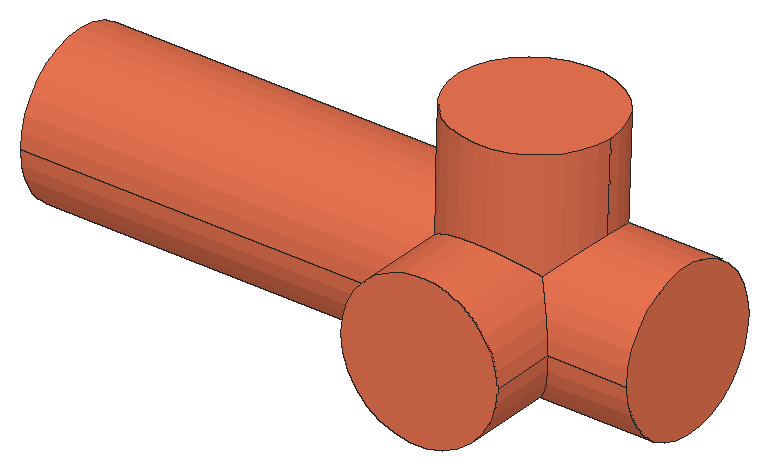
Revit family "Smart SML Крестовина двухплоскостная с длинной стороной", category Pipe Fittings, Revit 2015
Parameters
  Угол 1 [instance] = 88.00°  # constant formula
  Угол [instance] = 88.00°
  Таблица поиска = ""
  Размер засечки 2 [instance] = Номинальный диаметр 2 * 0.45  # 45 mm
  Размер засечки 1 [instance] = Номинальный диаметр 1 * 0.45  # 45 mm
  Радиус изгиба [instance] = Номинальный диаметр 1 * 0.8  # 80 mm
  Description = ""
  Номинальный радиус 2 [instance] = 50 mm
  Номинальный радиус 1 [instance] = 50 mm
  Номинальный диаметр 2 [instance] = Номинальный радиус 2 * 2  # 100 mm
  Номинальный диаметр 1 [instance] = Номинальный радиус 1 * 2  # 100 mm
  Наружный диаметр 2 [instance] = 110 mm
  Наружный диаметр 1 [instance] = 110 mm
  Материал = S-SML_Чугун серый с пластинчатым графитом
  Assembly Code = ""
  Manufacturer = "ООО \"СМАРТЕКС\""
  Артикул [instance] = "82001"
  t [instance] = 0 mm
  X3 [instance] = 115 mm  # constant formula
  X2 [instance] = 105 mm  # constant formula
  X1 [instance] = 325 mm  # constant formula
  URL = "http://s-sml.ru/production/smart-sml/"
Reference planes
  plane 1 "По центру (Вперед/Назад)": y = 0
  plane 2: z = 0
  plane 3 "По центру (Влево/Вправо)": x = 0
Forms (mm)
  Sweep 1, solid, material "S-SML_Чугун серый с пластинчатым графитом" <- "Материал"
    path in 3D
      loop
        line (115, 0, 0) -> (-325, 0, 0)
    profile origin (-105, 0, 0) x (0, -1, 0) y (0, 0, 1)
      loop
        circle (0, 0) r 55
  Sweep 2, solid, material "S-SML_Чугун серый с пластинчатым графитом" <- "Материал"
    path in 3D
      loop
        line (0, 0, 0) -> (4.188, -104.916, 0)
    profile origin (2.094, -52.458, 0) x (0.999204, 0.039885, 0) y (0, 0, 1)
      loop
        circle (0, 0) r 55
  Sweep 3, solid, material "S-SML_Чугун серый с пластинчатым графитом" <- "Материал"
    path in 3D
      loop
        line (0, 0, 0) -> (4.188, 0, 119.927)
    profile origin (2.094, 0, 59.963) x (-0.999391, 0, 0.034899) y (0, -1, 0)
      loop
        circle (0, 0) r 55
Cuts and joins
  joined: Sweep 1, Sweep 2
Lines and regions (mm)
  model lines
    curve 1: line (115, 0, 0) -> (-325, 0, 0)
    curve 2: line (-325, 0, 0) -> (-325, 45, 0)
    curve 3: line (-325, 0, 0) -> (-325, -45, 0)
    curve 4: line (115, 0, 0) -> (115, 45, 0)
    curve 5: line (115, 0, 0) -> (115, -45, 0)
    curve 6: line (0, 0, 0) -> (4.188, -104.916, 0)
  sketch lines
    curve 7: line (115, 0, 0) -> (-325, 0, 0)
    curve 8: line (0, 0, 0) -> (4.188, -104.916, 0)
    curve 9: line (0, 0, 0) -> (4.188, 0, 119.927)
Dimensions and locks
  "X1": curve 2 to plane 3 "По центру (Влево/Вправо)"
  "X3": plane 3 "По центру (Влево/Вправо)" to curve 4
  "Размер засечки 1": curve 5 to plane 1 "По центру (Вперед/Назад)"
  "Размер засечки 1": plane 1 "По центру (Вперед/Назад)" to curve 4
  "Размер засечки 1": curve 3 to plane 1 "По центру (Вперед/Назад)"
  "Размер засечки 1": plane 1 "По центру (Вперед/Назад)" to curve 2
  "X2": curve 6 to curve 6
  "Наружный диаметр 1": diameter of Sweep 1 sketch curve
  "Наружный диаметр 2": diameter of Sweep 2 sketch curve
  "Наружный диаметр 2": diameter of Sweep 3 sketch curve
  aligned and locked: level to plane 2
Automatic sketch dimensions
  plane 1 "По центру (Вперед/Назад)" to curve 6 = 0 mm
  curve 6 to plane 3 "По центру (Влево/Вправо)" = 0 mm
  plane 3 "По центру (Влево/Вправо)" to curve 6 = 4.188 mm
  Sweep 1 sketch curve to profile plane = 0 mm  (x2)
  Sweep 2 sketch curve to profile plane = 0 mm  (x2)
  Sweep 3 sketch curve to profile plane = 0 mm
  profile plane to Sweep 3 sketch curve = 0 mm
Connectors
  piping at (-325, 0, 0), diameter 100, driven by "Номинальный радиус 1"
    settings: on cut or joined group of Sweep 1, Sweep 2, index 1, connector inside diameter 609.6 mm, connector length 0 mm, flow factor 0, pipe flow 0.0 L/s, pressure drop 0.0 Pa, fitting loss kfactor 0, connector angle 0.00°, fixture units 0, engagement length 0 mm, angle of deflection 0.00°, flow configuration 0, flow direction 0, fitting loss method 0, system type 28, joint type 0, gender type 0, connector reference index 3, connector utility 0, adjustable connector no, is connector primary yes, connector description ""
  piping at (115, 0, 0), diameter 100, driven by "Номинальный радиус 1"
    settings: on cut or joined group of Sweep 1, Sweep 2, index 3, connector inside diameter 609.6 mm, connector length 0 mm, flow factor 0, pipe flow 0.0 L/s, pressure drop 0.0 Pa, fitting loss kfactor 0, connector angle 0.00°, fixture units 0, engagement length 0 mm, angle of deflection 0.00°, flow configuration 0, flow direction 0, fitting loss method 0, system type 28, joint type 0, gender type 0, connector reference index 1, connector utility 0, adjustable connector no, is connector primary no, connector description ""
  piping at (4.188, -104.916, 0), diameter 100, driven by "Номинальный радиус 2", driven by "Угол"
    settings: on cut or joined group of Sweep 1, Sweep 2, index 4, connector inside diameter 609.6 mm, connector length 0 mm, flow factor 0, pipe flow 0.0 L/s, pressure drop 0.0 Pa, fitting loss kfactor 0, connector angle 88.00°, fixture units 0, engagement length 0 mm, angle of deflection 0.00°, flow configuration 0, flow direction 0, fitting loss method 0, system type 28, joint type 0, gender type 0, connector reference index -1, connector utility 0, adjustable connector no, is connector primary no, connector description ""
  piping at (4.188, -104.916, 0), diameter 100, driven by "Номинальный радиус 2", driven by "Угол"
    settings: on cut or joined group of Sweep 1, Sweep 2, index 5, connector inside diameter 609.6 mm, connector length 0 mm, flow factor 0, pipe flow 0.0 L/s, pressure drop 0.0 Pa, fitting loss kfactor 0, connector angle 88.00°, fixture units 0, engagement length 0 mm, angle of deflection 0.00°, flow configuration 0, flow direction 0, fitting loss method 0, system type 28, joint type 0, gender type 0, connector reference index -1, connector utility 0, adjustable connector no, is connector primary no, connector description ""
  piping at (4.188, 0, 119.927), diameter 100
    settings: on Sweep 3, index 6, connector inside diameter 609.6 mm, connector length 0 mm, flow factor 0, pipe flow 0.0 L/s, pressure drop 0.0 Pa, fitting loss kfactor 0, connector angle 0.00°, fixture units 0, engagement length 0 mm, angle of deflection 0.00°, flow configuration 0, flow direction 0, fitting loss method 0, system type 28, joint type 0, gender type 0, connector reference index -1, connector utility 0, adjustable connector no, is connector primary no, connector description ""
